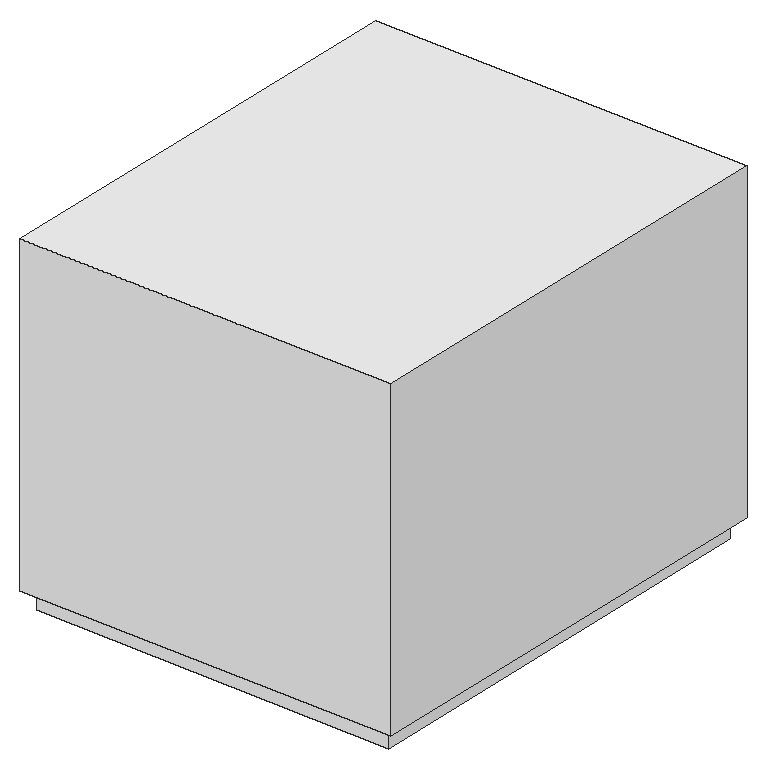
Revit family
Parameters
  URL = "http://www.martinbrattrud.com"
  SCS Certified Product = "Yes"
  Model = "Cor-Bitz 741-24R"
  Manufacturer = "Martin Brattrud, Inc."
  Foot [instance] = none
  Keynote = "125000"
  Copyright = "© 2013 Martin Brattrud, Inc."
  Table [instance] = none
  Authoring Version = "Revit Architecture 2010"
  Assembly Code = "E2020200"
Reference planes (in)
  plane 1 "Center Front/Back": y = 0
  plane 2: z = 0
  plane 3 "Center Left/Right": x = 0
Forms (in)
  Extrusion 1, solid, material <- "Table"
    sketch origin (0, 0, 0) x (1, 0, 0) y (0, 1, 0)
      loop
        line (-10, 12) -> (-10, -12) -> (10, -12) -> (10, 12) -> (-10, 12)
    from 1.25 to 18.25
  Extrusion 2, solid, material <- "Foot"
    sketch origin (0, 0, 0) x (1, 0, 0) y (0, 1, 0)
      loop
        line (-9.5, 11.5) -> (-9.5, -11.5) -> (9.5019, -11.5) -> (9.5019, 11.5) -> (-9.5, 11.5)
    from 0.25 to 1.25
  Revolve 3, solid, material <- "Foot"
    sketch origin (8.125, 10.17487, 0) x (-1, 0, 0) y (0, 0, -1)
      loop
        arc (-0.2498, 0) -> (-0.33833, -0.03667) -> (-0.375, -0.1252) r 0.1252
        line (-0.375, -0.1252) -> (-0.375, -0.25) -> (0, -0.25) -> (0, 0) -> (-0.2498, 0)
      axis (0, -0.25) -> (0, 0)
    angle from 0 to 360
  Revolve 4, solid, material <- "Foot"
    sketch origin (-8.125, 10.17487, 0) x (-1, 0, 0) y (0, 0, -1)
      loop
        arc (-0.2498, 0) -> (-0.33833, -0.03667) -> (-0.375, -0.1252) r 0.1252
        line (-0.375, -0.1252) -> (-0.375, -0.25) -> (0, -0.25) -> (0, 0) -> (-0.2498, 0)
      axis (0, -0.25) -> (0, 0)
    angle from 0 to 360
  Revolve 5, solid, material <- "Foot"
    sketch origin (8.125, -10.125, 0) x (-1, 0, 0) y (0, 0, -1)
      loop
        arc (-0.2498, 0) -> (-0.33833, -0.03667) -> (-0.375, -0.1252) r 0.1252
        line (-0.375, -0.1252) -> (-0.375, -0.25) -> (0, -0.25) -> (0, 0) -> (-0.2498, 0)
      axis (0, -0.25) -> (0, 0)
    angle from 0 to 360
  Revolve 6, solid, material <- "Foot"
    sketch origin (-8.125, -10.125, 0) x (-1, 0, 0) y (0, 0, -1)
      loop
        arc (-0.2498, 0) -> (-0.33833, -0.03667) -> (-0.375, -0.1252) r 0.1252
        line (-0.375, -0.1252) -> (-0.375, -0.25) -> (0, -0.25) -> (0, 0) -> (-0.2498, 0)
      axis (0, -0.25) -> (0, 0)
    angle from 0 to 360
